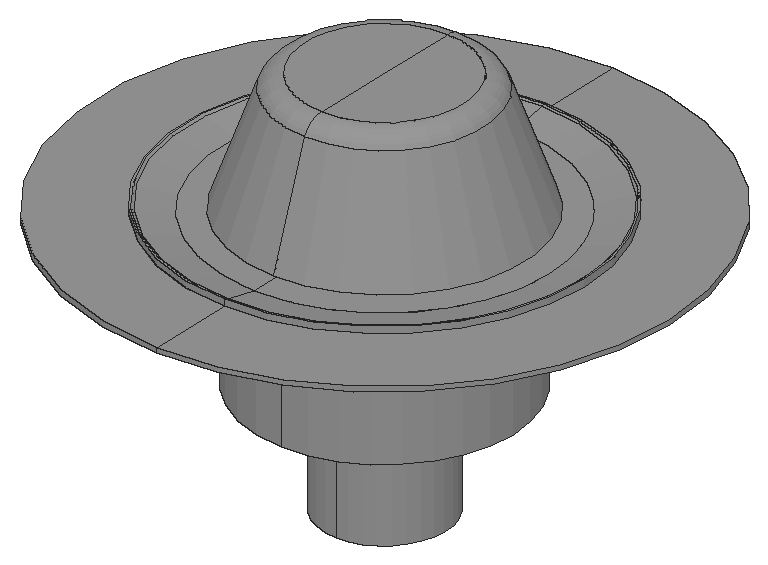
Revit family "HL_Dachablauf_HL62-B-221103", category Instalační zařizovací předměty, Revit 2021
Family settings
  Kóta kulaté spojky = Použít průměr
  Typ dílu = Normální
  Číslo OmniClass = 23.70.50.21.24.14
  Nadpis OmniClass = Deck Waste Water Drains
  Založené na pracovní rovině = Ne
  Vždy vertikální = Ano
  Ořezat dutým tvarem při načtení = Ne
  Sdílené = Ne
  Bod výpočtu místnosti = Ano
Parameters (values of type "HL_Dachablauf_HL62_7")
  Výchozí výška = 0 mm
  Výrobce = "HL Hutterer & Lechner GmbH"  # constant formula
  VOLUMENSTROM [instance] = 0.0 L/s
  URL = "http://www.hutterer-lechner.com/de/products/catalog/roof-drains/HL62/7.aspx"
  RECHTSAUSKUNFT = "Urheberrechte (©), Designrechte und alle anderen Rechte am geistigen Eigentum, sind ausschließlich Eigentum der Firma HL Hutterer&Lechner GmbH. Änderungen sind nicht gestattet. Die Familien (Teile) sind mit Wasserzeichen geschützt."
  MATERIAL = "PP"
  LEISTUNG = "9,9 l/s"
  GEWICHT = "1,51 [kg]"
  EINLAUFROST = "Laubfangkorb d 145 mm"
  EINBAUHÖHE = "100 mm"
  EAN = "9003076830626"
  DURCHMESSER = 75 mm
  DIMENSION = "DN75"
  Abdeckung Material [instance] = none
  Přípoj ventilace = no
  Přípoj odpadních dílů = yes
  Přípoj HW = no
  Přípoj CW = no
  Popis = "Dachabläufe"
  Model = "HL62_7"
  Assembly Code = " "
  Komentáře k typům = "HL62/7 Dachablauf DN75, mit Klemmelement"
  Keynote = "HL62_7"
  Einbauhöhe [instance] = 0 mm
  G [instance] = 180.00°  # constant formula
  D [instance] = if(DURCHMESSER = 160 mm, 60 mm, 67 mm) + Einbauhöhe  # 67 mm
  C [instance] = if(Einbauhöhe - 68 mm < 0 mm, 0 mm, Einbauhöhe - 68 mm)  # 0 mm
  B [instance] = 100 mm  # constant formula
  A [instance] = if(B - 100 mm > 15 mm, B - 100 mm, 15 mm)  # 15 mm
Types (5, lengths in mm): name | URL | LEISTUNG | GEWICHT | EAN | DURCHMESSER | DIMENSION | Model | Komentáře k typům | Keynote | D
  (no name) | "http://www.hutterer-lechner.com/de/products/catalog/roof-drains/HL62/7.aspx" | "9,9 l/s" | "1,51 [kg]" | "9003076830626" | 75 | "DN75" | "HL62_7" | "HL62/7 Dachablauf DN75, mit Klemmelement" | "HL62_7" | 67
  HL_Dachablauf_HL62_1 | "http://www.hutterer-lechner.com/de/products/catalog/roof-drains/HL62/1.aspx" | "10,7 l/s" | "1,49 [kg]" | "9003076800629" | 110 | "DN110" | "HL62_1" | "HL62/1 Dachablauf DN110 mit Klemmelement," | "HL62_1" | 67
  HL_Dachablauf_HL62_2 | "http://www.hutterer-lechner.com/de/products/catalog/roof-drains/HL62/2.aspx" | "14,0 l/s" | "1,48 [kg]" | "9003076810628" | 125 | "DN125" | "HL62_2" | "HL62/2 Dachablauf DN125 mit Klemmelement," | "HL62_2" | 67
  HL_Dachablauf_HL62_5 | "http://www.hutterer-lechner.com/de/products/catalog/roof-drains/HL62/5.aspx" | "14,1 l/s" | "1,52 [kg]" | "9003076820627" | 160 | "DN160" | "HL62_5" | "HL62/5 Dachablauf DN160 mit Klemmelement," | "HL62_5" | 60
  HL_Dachablauf_HL62_7 | "http://www.hutterer-lechner.com/de/products/catalog/roof-drains/HL62/7.aspx" | "9,9 l/s" | "1,51 [kg]" | "9003076830626" | 75 | "DN75" | "HL62_7" | "HL62/7 Dachablauf DN75, mit Klemmelement" | "HL62_7" | 67
Reference planes
  plane 1 "Center (Front/Back)": y = 0
  plane 2: z = 0
  plane 3 "Center (Left/Right)": x = 0
  plane 4: z = -100
  plane 5: z = 0
Lines and regions (mm)
  model lines, style "InvisibleLines"
    curve 1: line (0, 0, 0) -> (0, 0, 20)
  model lines, style "PlumbingFixtures", detail levels coarse+medium
    curve 2: line (0, 0, -100) -> (0, 0, -85)
    curve 3: line (0, 0, -85) -> (-85, 0, 0)
    curve 4: line (0, 0, -85) -> (85, 0, 0)
    curve 6: line (0, 0, -100) -> (0, 0, -167)
  reference lines, not visible
    curve 5: line (0, 0, -100) -> (0, 0, -167)
  symbolic lines, style "PlumbingFixtures", detail levels coarse+medium
    curve 7: line (-75, 75, 0) -> (75, 75, 0)
    curve 8: line (-75, -75, 0) -> (-75, 75, 0)
    curve 9: line (75, -75, 0) -> (-75, -75, 0)
    curve 10: line (75, 75, 0) -> (75, -75, 0)
    curve 11: line (-75, 75, 0) -> (-145.711, 145.711, 0)
    curve 12: line (75, 75, 0) -> (145.711, 145.711, 0)
    curve 13: line (-75, -75, 0) -> (-145.711, -145.711, 0)
    curve 14: line (75, -75, 0) -> (145.711, -145.711, 0)
  symbolic lines, style "PlumbingFixtures", not visible, detail levels coarse+medium
    curve 15: line (-75, 75, 0) -> (75, 75, 0)
    curve 16: line (-75, -75, 0) -> (-75, 75, 0)
    curve 17: line (75, -75, 0) -> (-75, -75, 0)
    curve 18: line (75, 75, 0) -> (75, -75, 0)
    curve 19: line (-75, 75, 0) -> (-145.711, 145.711, 0)
    curve 20: line (75, 75, 0) -> (145.711, 145.711, 0)
    curve 21: line (-75, -75, 0) -> (-145.711, -145.711, 0)
    curve 22: line (75, -75, 0) -> (145.711, -145.711, 0)
Text (mm)
  text "FLOOR" at (-162.344, 0, -10.979), in view "Drain Construction View"
Dimensions and locks
  "B": plane 2 to plane 4
  "Einbauhöhe": plane 2 to plane 5
  "A": curve 4 to plane 4
  "D": curve 5 to curve 5
  "D": curve 6 to curve 6
  locked: curve 4 to plane 3 "Center (Left/Right)" (angle 45.00°)
  locked: plane 3 "Center (Left/Right)" to curve 3 (angle 45.00°)
  "G": angle curve 5 to plane 3 "Center (Left/Right)"
  aligned and locked: level to plane 2
  aligned and locked: plane 2 to curve 4
  aligned and locked: plane 2 to curve 3
  aligned and locked: plane 4 to curve 5
  aligned and locked: plane 3 "Center (Left/Right)" to curve 5
  aligned and locked: plane 4 to curve 2
  aligned and locked: curve 6 to plane 3 "Center (Left/Right)"
  aligned and locked: curve 6 to plane 4
  aligned and locked: plane 5 to nested 1
  aligned and locked: plane 3 "Center (Left/Right)" to nested 1
  aligned and locked: plane 2 to nested 2
  aligned and locked: plane 3 "Center (Left/Right)" to nested 2
Automatic sketch dimensions
  curve 2 to plane 3 "Center (Left/Right)" = 0 mm
  curve 1 to plane 3 "Center (Left/Right)" = 0 mm
  curve 1 to level = 0 mm
  level to curve 1 = 20 mm
Nested families
  nested 1: "HL_Dachablaufkörper_HL62" at (0, 0, 0), DURCHMESSER <- "DURCHMESSER", type "HL_Dachablaufkörper_HL62"
    with L 69 mm, DURCHMESSER 75 mm
  nested 2: "HL_Zubehör_HL062.1E" at (0, 0, 0), type "HL_Zubehör_HL062.1E"
Connectors
  piping at (0, 0, -167), diameter 75, driven by "VOLUMENSTROM", driven by "DURCHMESSER"
    settings: on curve 5, index 1, connector inside diameter 609.6 mm, connector length 0 mm, flow factor 0, pipe flow 0.0 L/s, pressure drop 0.0 Pa, fitting loss kfactor 0, connector angle 0.00°, fixture units 0, engagement length 0 mm, angle of deflection 0.00°, flow configuration 1, flow direction 2, fitting loss method 0, system type 16, joint type 0, gender type 0, connector reference index -1, connector utility 0, adjustable connector yes, is connector primary yes, connector description ""
Definition of nested family "HL_Dachablaufkörper_HL62"
  Parameters (values of type "HL_Dachablaufkörper_HL62")
    Default Elevation = 0 mm
    Manufacturer = ""
    URL = ""
    Description = ""
    Model = ""
    L [instance] = if(DURCHMESSER = 160 mm, 62 mm, 69 mm)  # 69 mm
    Type Comments = ""
    DURCHMESSER [instance] = 110 mm
    Cost = 0
  Reference planes
    plane 1 "Střed (vpředu/vzadu)": y = 0
    plane 2: z = 0
    plane 3 "Střed (vlevo/vpravo)": x = 0
    plane 4: z = -97.92
  Forms (mm)
    Revolve 1, solid, detail levels fine
      sketch origin (0, 0, 0) x (0, 1, 0) y (0, 0, 1)
        loop
          line (177, -3) -> (177, 0) -> (124.39, 0) -> (101.905, -2.2) -> (79.004, -2.2) -> (79.004, -22.024) -> (74.451, -22.024) -> (74.451, -35.37) -> (65.787, -35.37) -> (64.804, -43.37) -> (0, -43.37) -> (0, -97.92) -> (79.982, -97.92) -> (79.982, -31.54) -> (86.489, -31.54) -> (86.489, -28.04) -> (101.489, -28.04) -> (101.489, -13.704) -> (130.898, -3) -> (177, -3)
        axis (0, 0) -> (0, -97.92)
      angle from 0 to 360
    Revolve 2, solid, detail levels fine
      sketch origin (0, 0, 0) x (0, 1, 0) y (0, 0, 1)
        loop
          line (124.39, 0) -> (124.39, 4) -> (123.297, 4) -> (122.033, 3.115) -> (101.733, -1.2) -> (79.004, -1.2) -> (79.004, -2.2) -> (101.905, -2.2) -> (124.39, 0)
        axis (0, 4) -> (0, -2.2)
      angle from 0 to 360
    Extrusion 3, solid, detail levels fine
      sketch origin (0, 79.982, -97.92) x (0, 1, 0) y (-1, 0, 0)
        loop
          circle (-79.982, 0) r 55
      from 0 to -69
  Dimensions and locks
    "L": plane 4 to Extrusion 3
    "DURCHMESSER": diameter of Extrusion 3 sketch curve
    aligned and locked: level to plane 2
  Automatic sketch dimensions
    Revolve 1 sketch curve to plane 1 "Střed (vpředu/vzadu)" = 0 mm  (x2)
    level to Revolve 1 sketch curve = 0 mm
    Revolve 1 sketch curve to plane 1 "Střed (vpředu/vzadu)" = 64.804 mm
    Revolve 1 sketch curve to Revolve 1 sketch curve = 0.982 mm
    Revolve 1 sketch curve to Revolve 1 sketch curve = 8.664 mm
    Revolve 1 sketch curve to Revolve 1 sketch curve = 4.553 mm
    Revolve 1 sketch curve to Revolve 1 sketch curve = 15.178 mm
    Revolve 1 sketch curve to Revolve 1 sketch curve = 6.507 mm
    Revolve 1 sketch curve to Revolve 1 sketch curve = 15 mm
    Revolve 1 sketch curve to level = 2.2 mm
    Revolve 1 sketch curve to Revolve 1 sketch curve = 0.416 mm
    Revolve 1 sketch curve to Revolve 1 sketch curve = 22.485 mm
    Revolve 1 sketch curve to level = 3 mm
    Revolve 1 sketch curve to Revolve 1 sketch curve = 6.508 mm
    Revolve 1 sketch curve to Revolve 1 sketch curve = 46.102 mm
    Revolve 1 sketch curve to Revolve 1 sketch curve = 11.504 mm
    Revolve 1 sketch curve to Revolve 1 sketch curve = 19.824 mm
    Revolve 1 sketch curve to Revolve 1 sketch curve = 6.016 mm
    Revolve 1 sketch curve to Revolve 1 sketch curve = 3.5 mm
    Revolve 1 sketch curve to Revolve 1 sketch curve = 3.83 mm
    Revolve 1 sketch curve to Revolve 1 sketch curve = 8 mm
    Revolve 1 sketch curve to Revolve 1 sketch curve = 54.55 mm
    Revolve 1 sketch curve to Revolve 1 sketch curve = 202.08 mm
    level to Revolve 1 sketch curve = 300 mm
    Revolve 2 sketch curve to plane 1 "Střed (vpředu/vzadu)" = 0 mm
    level to Revolve 2 sketch curve = 0 mm
    Revolve 2 sketch curve to level = 2.2 mm
    Revolve 2 sketch curve to plane 1 "Střed (vpředu/vzadu)" = 79.004 mm
    Revolve 2 sketch curve to level = 1.2 mm
    Revolve 2 sketch curve to Revolve 2 sketch curve = 22.729 mm
    Revolve 2 sketch curve to Revolve 2 sketch curve = 0.172 mm
    level to Revolve 2 sketch curve = 3.115 mm
    Revolve 2 sketch curve to Revolve 2 sketch curve = 20.299 mm
    Revolve 2 sketch curve to Revolve 2 sketch curve = 1.264 mm
    Revolve 2 sketch curve to Revolve 2 sketch curve = 1.093 mm
    Revolve 2 sketch curve to Revolve 2 sketch curve = 0.885 mm
    Revolve 2 sketch curve to level = 69.647 mm
    level to Revolve 2 sketch curve = 33.8 mm
    plane 1 "Střed (vpředu/vzadu)" to Extrusion 3 sketch curve = 0 mm
    Extrusion 3 sketch curve to plane 3 "Střed (vlevo/vpravo)" = 0 mm
Definition of nested family "HL_Zubehör_HL062.1E"
  Parameters (values of type "HL_Zubehör_HL062.1E")
    Default Elevation = 0 mm
    Manufacturer = "HL Hutterer & Lechner GmbH"
    URL = "http://www.hutterer-lechner.com/de/products/catalog/roof-drains/HL062.1E.aspx"
    Abdeckung Material = none
    RECHTSAUSKUNFT = "Urheberrechte (©), Designrechte und alle anderen Rechte am geistigen Eigentum, sind ausschließlich Eigentum der Firma HL Hutterer&Lechner GmbH. Änderungen sind nicht gestattet. Die Familien (Teile) sind mit Wasserzeichen geschützt."
    Description = "Dachabläufe"
    Model = "HL062.1E"
    Type Comments = "HL062.1E, Laubfangkorb"
    Keynote = "HL062.1E"
    GEWICHT = "0,097 [kg]"
    Volumenstrom [instance] = 0.0 L/s
    EAN = "9003076006212"
    Cost = 0
  Values of the unnamed type that differ from the named types
    Manufacturer = ""
    URL = ""
    RECHTSAUSKUNFT = ""
    Description = ""
    Model = ""
    Type Comments = "HL062.1E, domed plastic grate"
    Keynote = ""
  Reference planes
    plane 1 "Střed (vpředu/vzadu)": y = 0
    plane 2: z = 0
    plane 3 "Střed (vlevo/vpravo)": x = 0
  Forms (mm)
    Revolve 1, solid, detail levels fine
      sketch origin (0, 0, 0) x (0, 1, 0) y (0, 0, 1)
        loop
          line (0, 75) -> (0, 60.2) -> (47.074, 60.2) -> (68.985, 0) -> (86.249, 0) -> (61.992, 66.646)
          arc (61.992, 66.646) -> (56.733, 72.731) -> (49.016, 75) r 14.255
          line (49.016, 75) -> (0, 75)
        axis (0, 75) -> (0, 0)
      angle from 0 to 360
    Extrusion 2, solid, detail levels fine
      sketch origin (0, 0, 0) x (0, 1, 0) y (1, 0, 0)
        loop
          circle (0, 0) r 78.587
        loop
          circle (0, 0) r 70.981
      from 0 to 16.7
    Extrusion 3, solid, detail levels fine
      sketch origin (0, 0, -16.7) x (-1, 0, 0) y (0, 1, 0)
        loop
          circle (0, 0) r 70
        loop
          circle (0, 0) r 74.546
      from 0 to 12.3
  Dimensions and locks
    aligned and locked: level to plane 2
